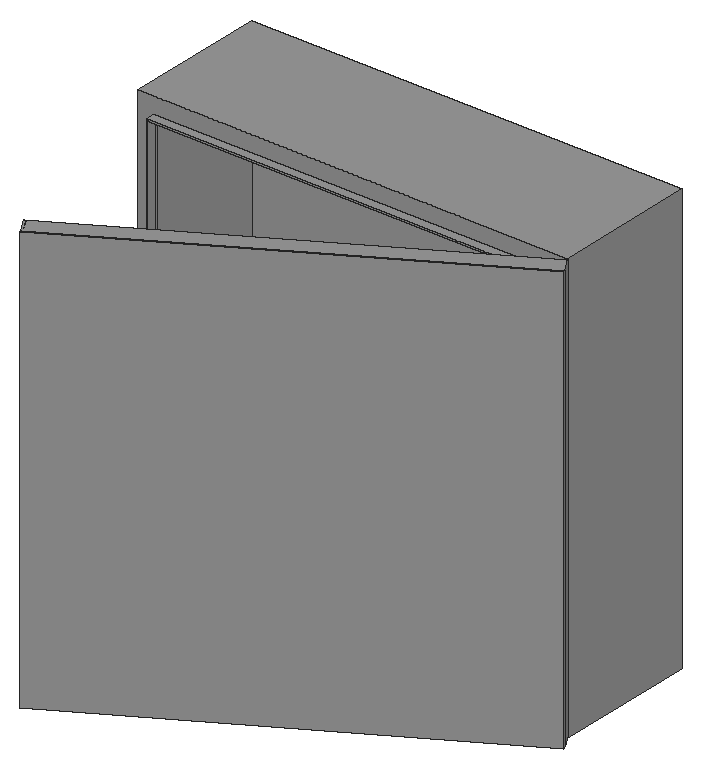
Revit family "Hager-Orion_Inox-IP66-D150-Cl.I-Inox_encl-630A-400mm-NoHosted-CH-it", category Equipement électrique, Revit 2020
Family settings
  Configuration du panneau = Deux colonnes, circuits au sein
  Cote de connecteur circulaire = Utiliser le diamètre
  Type d'élément = Tableau de raccordement
  Basée sur le plan de construction = Oui
  Toujours verticalement = Oui
  Couper avec des vides une fois chargée = Non
  Partagée = Non
  Point de calcul de pièce = Non
Parameters (values of type "A parete IP66 L400 A400 P150  - FL014BWL")
  Width Control [instance] = if([EF000008 - Larghezza] > Min Width, [EF000008 - Larghezza], Min Width)  # 400 mm
  Commentaires du type = [HG000003 - Gamma]  # "Orion Inox"
  Thickness Door [instance] = if([EF009171 - spessore materiale porta/coperchio] > 3 mm, 3 mm, [EF009171 - spessore materiale porta/coperchio])  # 1.5 mm
  Seal Frame Offset [instance] = 17 mm  # constant formula
  Min Width [instance] = 100 mm  # constant formula
  Min Depth [instance] = (2 * [EF009170 - spessore materiale scatola]) + 1 mm  # 4 mm
  Min Height [instance] = 100 mm  # constant formula
  Internal Frame Depth [instance] = -(Door System Depth * 0.5)  # -9 mm
  Panel Name [instance] = ""  # (empty or 0)
  Model = ""
  HG000027 - Altezza dello zoccolo = 0 mm
  HG000026 - A pavimento = no
  HG000024 - Altezza della sezione inferiore = 600 mm
  HG000023 - Custodia a doppia sezione = no
  HG000016 - Visibilità delle porte nella vista 3D [instance] = yes
  HG000015 - Visibilità attraverso la porta [instance] = no
  HG000014 - Porta destra [instance] = yes
  HG000013 - Porta sinistra [instance] = not([HG000014 - Porta destra])  # no
  HG000012 - Angolo di apertura della porta [instance] = 30.00°
  HG000010 - Porte asimmetriche = no
  HG000009 - Porta doppia a battente = no
  HG000006 - Ad incasso = no
  HG000004 - Codice produttore = "FL014BWL"
  HG000003 - Gamma = "Orion Inox"
  HG000002 - Con porta = yes
  Frame Offset Bottom [instance] = 10 mm  # constant formula
  Frame Offset [instance] = 15 mm  # constant formula
  EF015940 - Coprire con rilascio di sovrapressione = no
  EF011959 - tipo di protezione (NEMA) = ""
  EF009554 - numero delle aperture per la piastra della flangia = 0
  EF009212 - esecuzione coperchio = "EV009916 - con taglio"
  EF009171 - spessore materiale porta/coperchio = 1.5 mm
  EF009170 - spessore materiale scatola = 1.5 mm
  EF008873 - corrente nominale (In) = 630 A
  EF007800 - adatto per parafulmine = no
  EF006306 - con serratura = no
  EF006244 - coperchio/porta trasparente = no
  EF005474 - grado di protezione (IP) = "EV006422 - IP66"
  EF004464 - tipo di porta = "EV002646 - singolo"
  EF004427 - numero di moduli = 0
  EF004293 - resistenza agli urti = "EV008784 - IK10"
  EF003532 - adatto per uso esterno = yes
  EF002950 - Numero moduli DIN = 0
  EF001613 - Integrità del circuito = ""
  EF001596 - Attacco Lampada = "EV000166 - acciaio inossidabile"
  EF001131 - profondità interna = 116 mm
  EF001088 - possibilità di applicazione = yes
  EF000437 - numero di ingressi per conduttori = 0
  EF000339 - tipo di copertura = "EV004216 - porta"
  EF000266 - numero di file = 0
  EF000218 - profondità di incasso = 0 mm
  EF000118 - con piastra di montaggio = no
  EF000116 - numero RAL = ""
  EF000049 - profondità = 150 mm
  EF000040 - Altezza = 400 mm
  EF000008 - Larghezza = 400 mm
  EF000007 - colore = "EV000154 - altri"
  EF000003 - Tipo di montaggio = "EV000384 - A parete"
  Door System Leaf Tolerance [instance] = 1.5 mm  # constant formula
  Door System Depth [instance] = 18 mm  # constant formula
  Description = ""
  Default Elevation = 1219.2 mm
  Connector Offset [instance] = Height Control / 2  # 200 mm
  Fabricant = "Hager"  # constant formula
  Height Control [instance] = if([EF000040 - Altezza] > Min Height, [EF000040 - Altezza], Min Height)  # 400 mm
  Depth Control [instance] = if([EF000049 - profondità] > Min Depth, [EF000049 - profondità], Min Depth)  # 150 mm
Types (4, lengths in mm): name | Width Control | HG000004 - Codice produttore | EF009212 - esecuzione coperchio | EF006306 - con serratura | EF006244 - coperchio/porta trasparente | EF004293 - resistenza agli urti | EF001613 - Integrità del circuito | EF000008 - Larghezza
  A parete IP66 L300 A400 P150  - FL014TW | 300 | "FL014TW" | "EV000116 - chiuso" | yes | yes | "EV006814 - IK08" | "EV000494 - senza" | 300
  A parete IP66 L300 A400 P150  - FL014TWL | 300 | "FL014TWL" | "EV000116 - chiuso" | yes | yes | "EV006814 - IK08" | "EV000494 - senza" | 300
  A parete IP66 L400 A400 P150  - FL014BW | 400 | "FL014BW" | "EV009916 - con taglio" | no | no | "EV008784 - IK10" | "" | 400
  A parete IP66 L400 A400 P150  - FL014BWL | 400 | "FL014BWL" | "EV009916 - con taglio" | no | no | "EV008784 - IK10" | "" | 400
Reference planes
  plane 1 "Center (Front/Back)": y = 0
  plane 2: z = 0
  plane 3 "Center (Left/Right)": x = 0
  plane 4: y = 0
  plane 5: y = 0
  plane 6: z = 0
  plane 7: x = -200
  plane 8: x = 200
  plane 9: x = 198.5
  plane 10: x = -198.5
  plane 11: z = 0
  plane 12: z = 1.5
  plane 13: y = -150
  plane 14: y = -1.5
  plane 15: x = 0
  plane 16: y = -132
  plane 17: y = -148.5
  plane 18: y = -130.5
  plane 19: x = -183.5
  plane 20: x = 183.5
  plane 21: z = 11.5
  plane 22: x = -183
  plane 23: x = 183
  plane 24: z = 0
  plane 25: z = 400
  plane 26: z = 400
  plane 27: z = 383.5
  plane 28: z = 398.5
Forms (mm)
  Extrusion 1, solid, material "Hager_Stainless_Steel", detail levels medium+fine
    sketch origin (-208.679, -4572, 0) x (-1, 0, 0) y (0, -1, 0)
      loop
        line (-8.679, -4440) -> (-408.679, -4440) -> (-408.679, -4572) -> (-8.679, -4572) -> (-8.679, -4440)
    from 0 to 400
  Extrusion 2, void
    sketch origin (-350.771, -150, 1219.2) x (1, 0, 0) y (0, 0, 1)
      loop
        line (152.271, -820.7) -> (152.271, -1217.7) -> (549.271, -1217.7) -> (549.271, -820.7) -> (152.271, -820.7)
    from -19.5 to -148.5
  Extrusion 3, void
    sketch origin (-290.084, -132, 1219.2) x (1, 0, 0) y (0, 0, 1)
      loop
        line (106.584, -1207.7) -> (473.584, -1207.7) -> (473.584, -835.7) -> (106.584, -835.7) -> (106.584, -1207.7)
    from 0 to -1.5
  Extrusion 4, solid, material "Hager_Stainless_Steel", detail levels fine
    sketch origin (-290.084, -132, 1219.2) x (-1, 0, 0) y (0, 0, 1)
      loop
        line (-473.584, -1207.7) -> (-106.584, -1207.7) -> (-106.584, -835.7) -> (-473.584, -835.7) -> (-473.584, -1207.7)
      loop
        line (-475.084, -1209.2) -> (-105.084, -1209.2) -> (-105.084, -834.2) -> (-475.084, -834.2) -> (-475.084, -1209.2)
    from 0 to -9 <- "Internal Frame Depth"
  Extrusion 5, solid, material "Hager_Stainless_Steel", detail levels coarse
    sketch origin (0, 0, 0) x (1, 0, 0) y (0, 1, 0)
      loop
        line (-200, 0) -> (-200, -150) -> (200, -150) -> (200, 0) -> (-200, 0)
    from 0 to 400 <- "Height Control"
Cuts and joins
  Extrusion 2, Extrusion 3 cuts Extrusion 1
Lines and regions (mm)
  Masking region 1
    outline origin (0, 0, 0) x (1, 0, 0) y (0, 1, 0)
      loop
        line (-200, 0) -> (-200, -150) -> (200, -150) -> (200, 0) -> (-200, 0)
  Masking region 2
    outline origin (-290.084, -132, 1219.2) x (-1, 0, 0) y (0, 0, 1)
      loop
        line (-490.084, -1219.2) -> (-90.084, -1219.2) -> (-90.084, -819.2) -> (-490.084, -819.2) -> (-490.084, -1219.2)
  Masking region 3, detail levels coarse
    outline origin (0, 0, 0) x (0, 1, 0) y (0, 0, 1)
      loop
        line (0, 0) -> (0, 400) -> (-150, 400) -> (-150, 0) -> (0, 0)
  Masking region 4, detail levels medium+fine
    outline origin (0, 0, 594.038) x (0, 1, 0) y (0, 0, 1)
      loop
        line (0, -594.038) -> (0, -194.038) -> (-132, -194.038) -> (-132, -594.038) -> (0, -594.038)
Dimensions and locks
  locked: plane 1 "Center (Front/Back)" to plane 5
  "EF009170 - spessore materiale scatola": plane 7 to plane 10
  "EF009170 - spessore materiale scatola": plane 8 to plane 9
  equal spacing: plane 7, plane 3 "Center (Left/Right)", plane 8
  "Width Control": plane 7 to plane 8
  "Depth Control": plane 4 to plane 13
  "EF009170 - spessore materiale scatola": plane 4 to plane 14
  "Height Control": plane 25 to level
  "EF009170 - spessore materiale scatola": plane 12 to plane 11
  "EF009170 - spessore materiale scatola": plane 17 to plane 13
  "EF009170 - spessore materiale scatola": plane 18 to plane 16
  "Frame Offset Bottom": plane 21 to plane 12
  "Frame Offset": plane 10 to plane 19
  "Frame Offset": plane 9 to plane 20
  "Door System Depth": plane 16 to plane 13
  "Seal Frame Offset": plane 7 to plane 22
  "Seal Frame Offset": plane 8 to plane 23
  "EF009170 - spessore materiale scatola": plane 26 to plane 28
  "Frame Offset": plane 28 to plane 27
  "Connector Offset": plane 2 to connector elem
  "Thickness Door": cut or joined group of Extrusion 1, Extrusion 2, Extrusion 3 to Extrusion 4 sketch curve
  "Thickness Door": Extrusion 4 sketch curve to plane 19
  "Thickness Door": Extrusion 4 sketch curve to plane 20
  "Thickness Door": Extrusion 4 sketch curve to plane 27
  aligned and locked: plane 12 to Extrusion 2 sketch curve
  aligned and locked: Extrusion 2 sketch curve to plane 9
  aligned and locked: Extrusion 2 sketch curve to plane 10
  aligned and locked: plane 14 to Extrusion 2
  aligned and locked: plane 4 to Extrusion 1 sketch curve
  aligned and locked: plane 8 to Extrusion 1 sketch curve
  aligned and locked: plane 7 to Extrusion 1 sketch curve
  aligned and locked: Extrusion 2 to plane 18
  aligned and locked: plane 19 to Extrusion 3 sketch curve
  aligned and locked: plane 20 to Extrusion 3 sketch curve
  aligned and locked: Extrusion 3 to Extrusion 2
  aligned and locked: Extrusion 3 sketch curve to plane 21
  aligned and locked: plane 3 "Center (Left/Right)" to nested 1
  aligned and locked: Extrusion 1 sketch curve to plane 16
  aligned and locked: Masking region 1 sketch curve to plane 7
  aligned and locked: Masking region 1 sketch curve to plane 5
  aligned and locked: Masking region 1 sketch curve to plane 8
  aligned and locked: Masking region 2 sketch curve to level
  aligned and locked: level to Masking region 3 sketch curve
  aligned and locked: plane 1 "Center (Front/Back)" to Masking region 3 sketch curve
  aligned and locked: plane 13 to Masking region 3 sketch curve
  aligned and locked: Masking region 2 sketch curve to plane 8
  aligned and locked: Masking region 2 sketch curve to plane 7
  aligned and locked: plane 7 to nested 2
  aligned and locked: nested 2 to plane 5
  aligned and locked: plane 5 to Masking region 4 sketch curve
  aligned and locked: plane 26 to Masking region 4 sketch curve
  aligned and locked: Extrusion 5 sketch curve to plane 8
  aligned and locked: Extrusion 5 sketch curve to plane 7
  aligned and locked: Extrusion 5 sketch curve to plane 5
  aligned and locked: plane 27 to Extrusion 3 sketch curve
  aligned and locked: Extrusion 2 sketch curve to plane 28
  aligned and locked: plane 27 to Extrusion 4 sketch curve
  aligned and locked: Extrusion 4 sketch curve to plane 20
  aligned and locked: plane 21 to Extrusion 4 sketch curve
  aligned and locked: Extrusion 4 sketch curve to plane 19
  aligned and locked: Masking region 2 to plane 25
  aligned and locked: Masking region 4 sketch curve to plane 24
  aligned and locked: Masking region 1 to plane 13
  aligned and locked: nested 1 to plane 16
  aligned and locked: Masking region 3 to plane 25
  aligned and locked: Masking region 4 sketch curve to plane 16
  aligned and locked: plane 24 to plane 11
  aligned and locked: plane 26 to plane 25
  aligned and locked: level to plane 24
  aligned and locked: Extrusion 1 to Masking region 3
  aligned and locked: level to nested 1
Automatic sketch dimensions
  Extrusion 5 sketch curve to plane 13 = 0 mm
  plane 27 to Masking region 2 sketch curve = 16.5 mm
  plane 27 to Masking region 3 sketch curve = 16.5 mm
  Masking region 1 sketch curve to plane 13 = 0 mm
  Extrusion 3 sketch curve to plane 21 = 0 mm
  plane 19 to Extrusion 3 sketch curve = 0 mm
  Extrusion 3 sketch curve to plane 20 = 0 mm
Nested families
  nested 1: "EC000058_OrionInox_Door" at (0, -132, 0), Double <- "HG000009 - Porta doppia a battente", Transparent <- "EF006244 - coperchio/porta trasparente", Angle <- "HG000012 - Angolo di apertura della porta", Door_Right <- "HG000014 - Porta destra", Assymetrical <- "HG000010 - Porte asimmetriche", Door <- "HG000002 - Con porta", Width_Ctrl <- "Width Control", 3d_Door <- "HG000016 - Visibilità delle porte nella vista 3D", Clearance <- "HG000015 - Visibilità attraverso la porta", Door_Left <- "HG000013 - Porta sinistra", Width <- "Width Control", Door_Depth <- "Door System Depth", Leaf_Tolerance <- "Door System Leaf Tolerance", Height <- "Height Control", Thickness <- "Thickness Door", type "EC000058_OrionInox_Door", detail levels medium+fine
    with min_wh 4 mm, Width_Ctrl 400 mm, Width 400 mm, Transparent no, Thickness 1.5 mm, Seal_Material Hager_Rubber, Leaf_Width 400 mm, Leaf_Tolerance_External_Sides 0 mm, Leaf_Tolerance 1.5 mm, Leaf_Offset 0 mm, Leaf_Height 397 mm, Leaf_2_Width 400 mm, Leaf_2_Offset 200 mm, Leaf_1_Width 400 mm, Leaf_1_Offset 200 mm, Height_Ctrl 400 mm, Height 400 mm, Glass_Material Hager_Glass, Double_Clearance_Ctrl no, Double no, Door_Right_Ctrl yes, Door_Right yes, Door_Material Hager_Stainless_Steel, Door_Left_Ctrl no, Door_Left no, Door_Depth 18 mm, Door yes, Clearance_Material Hager_Clearance, Clearance_Depth 400 mm, Clearance_Ctrl no, Clearance no, Assymetrical no, Angle 30.00°, 3d_Door yes
  nested 2: "Hager_Enclosure_Symbol" at (-200, 0, 0), Height <- "Depth Control", Width <- "Width Control", type "Hager_Enclosure_Symbol"
    with Width_Ctrl 400 mm, Width 400 mm, Height_Ctrl 150 mm, Height 150 mm, A_Width_Int 9.844 mm, A_Width 118.125 mm, A_Height_Ctrl 131.25 mm, A_Height 131.25 mm
Connectors
  electrical at (0, 0, 200)
    settings: on plane 1 "Center (Front/Back)", index 1, voltage 0 V, apparent load 0 VA, apparent load phase1 0 VA, apparent load phase2 0 VA, apparent load phase3 0 VA, power factor 1, load classification "Other", number of poles 1, system type 30, power factor state 1, is connector primary yes, connector utility no, sub classification motor no, connector description ""
Definition of nested family "EC000058_OrionInox_Door"
  Parameters (values of type "EC000058_OrionInox_Door")
    min_wh [instance] = (2 * Thickness) + 1 mm  # 11 mm
    Width_Ctrl [instance] = 400 mm
    Width [instance] = 500 mm
    Transparent [instance] = yes
    Thickness [instance] = 5 mm
    Seal_Material [instance] = none
    Leaf_Width [instance] = if((Width_Ctrl - 2 * Leaf_Tolerance_External_Sides) > 0 mm, (Width_Ctrl - 2 * Leaf_Tolerance_External_Sides), min_wh)  # 400 mm
    Leaf_Tolerance_External_Sides [instance] = 0 mm  # constant formula
    Leaf_Tolerance [instance] = 1.5 mm
    Leaf_Offset [instance] = 0 mm  # constant formula
    Leaf_Height [instance] = if((Height_Ctrl - 2 * Leaf_Tolerance) > 0 mm, (Height_Ctrl - 2 * Leaf_Tolerance), min_wh)  # 497 mm
    Leaf_2_Width [instance] = if(and(and(Double, Assymetrical), Door_Left), (Leaf_Width / 3) - (Leaf_Tolerance / 2), if(and(and(Double, Assymetrical), Door_Right), (Leaf_Width / 3) * 2 - (Leaf_Tolerance / 2), if(and(Double, not(Assymetrical)), (Leaf_Width / 2) - Leaf_Tolerance, Leaf_Width)))  # 400 mm
    Leaf_2_Offset [instance] = if(and(Double, Assymetrical), Leaf_2_Width / 2, if(and(Double, not(Assymetrical)), Leaf_Width / 4, Leaf_Width / 2))  # 200 mm
    Leaf_1_Width [instance] = if(and(and(Double, Assymetrical), Door_Right), (Leaf_Width / 3) - (Leaf_Tolerance / 2), if(and(and(Double, Assymetrical), Door_Left), (Width / 3) * 2 - (Leaf_Tolerance / 2), if(and(Double, not(Assymetrical)), (Leaf_Width / 2) - Leaf_Tolerance, Leaf_Width)))  # 400 mm
    Leaf_1_Offset [instance] = if(and(Double, Assymetrical), Leaf_1_Width / 2, if(and(Double, not(Assymetrical)), Leaf_Width / 4, Leaf_Width / 2))  # 200 mm
    Height_Ctrl [instance] = if(Height > min_wh, Height, min_wh)  # 500 mm
    Height [instance] = 500 mm
    Glass_Material [instance] = none
    Double_Clearance_Ctrl [instance] = and(Double, Clearance)  # no
    Double [instance] = no
    Door_Right_Ctrl [instance] = and(or(Door_Right, Double), Door)  # yes
    Door_Right [instance] = yes
    Door_Material [instance] = none
    Door_Left_Ctrl [instance] = and(or(Door_Left, Double), Door)  # no
    Door_Left [instance] = no
    Door_Depth [instance] = 30 mm
    Door [instance] = yes
    Default Elevation = 1219.2 mm
    Clearance_Material [instance] = none
    Clearance_Depth [instance] = if(Leaf_1_Width > Leaf_2_Width, Leaf_1_Width, Leaf_2_Width)  # 400 mm
    Clearance_Ctrl [instance] = and(not(Double), Clearance)  # yes
    Clearance [instance] = yes
    Assymetrical [instance] = yes
    Angle [instance] = 30.00°
    3d_Door [instance] = yes
  Reference planes
    plane 1 "Center (Front/Back)": y = 0
    plane 2 "Bottom": z = 0
    plane 3 "Center (Left/Right)": x = 0
    plane 4: z = 500
    plane 5: x = -200
    plane 6: x = 200
    plane 7: z = 500
    plane 8: x = -200
    plane 9: z = 0
    plane 10: x = 200
    plane 11: y = 0
    plane 12: z = 1.5
    plane 13: x = -600
    plane 14: y = -400
    plane 15: x = 600
    plane 16: x = 0
    plane 17: x = 0
    plane 18: x = -200
    plane 19: x = 200
    plane 20: z = 498.5
  Forms (mm)
    Extrusion 1, solid, material <- "Clearance_Material", visible <- "Double_Clearance_Ctrl"
      sketch origin (1200, 0, 0) x (1, 0, 0) y (0, 0, -1)
        loop
          line (-1800, -498.5) -> (-600, -498.5) -> (-600, 0) -> (-1800, 0) -> (-1800, -498.5)
      from 0 to -400
  Dimensions and locks
    equal spacing: plane 5, plane 3 "Center (Left/Right)", plane 6
    "Width_Ctrl": plane 5 to plane 6
    "Leaf_Offset": plane 5 to plane 8
    "Leaf_Offset": plane 6 to plane 10
    "Leaf_Offset": plane 9 to level
    "Leaf_Offset": plane 4 to plane 7
    "Height_Ctrl": plane 4 to level
    "Leaf_Tolerance": plane 12 to plane 9
    locked: plane 11 to plane 1 "Center (Front/Back)"
    "Leaf_1_Offset": plane 18 to plane 16
    "Leaf_2_Offset": plane 17 to plane 19
    "Leaf_1_Width": plane 13 to plane 8
    "Leaf_2_Width": plane 10 to plane 15
    "Clearance_Depth": plane 14 to plane 1 "Center (Front/Back)"
    "Leaf_Tolerance_External_Sides": plane 8 to plane 18
    "Leaf_Tolerance_External_Sides": plane 19 to plane 10
    "Leaf_Tolerance": plane 7 to plane 20
    aligned and locked: level to plane 2 "Bottom"
    aligned and locked: nested 1 to plane 16
    aligned and locked: nested 2 to plane 17
    aligned and locked: Extrusion 1 to plane 13
    aligned and locked: plane 15 to Extrusion 1
    aligned and locked: Extrusion 1 to plane 14
    aligned and locked: plane 12 to nested 1
    aligned and locked: nested 2 to plane 12
    aligned and locked: Extrusion 1 to plane 11
    aligned and locked: plane 20 to Extrusion 1
    aligned and locked: nested 2 to plane 11
    aligned and locked: nested 1 to plane 11
  Automatic sketch dimensions
    Extrusion 1 sketch curve to level = 0 mm
    plane 5 to Extrusion 1 sketch curve = 400 mm
    plane 6 to Extrusion 1 sketch curve = 400 mm
    Extrusion 1 sketch curve to plane 4 = 1.5 mm
  Nested families
    nested 1: "EC000058_OrionInox_Door_Leaf" at (0, 0, 1.5), Width <- "Leaf_1_Width", visible <- "Door_Left_Ctrl", Leaf_Height <- "Leaf_Height", Angle <- "Angle", 3d_Door <- "3d_Door", Transparent <- "Transparent", Clearance Material <- "Clearance_Material", Clearance <- "Clearance_Ctrl", Door_Material <- "Door_Material", Glass_Material <- "Glass_Material", Door_Depth <- "Door_Depth", Seal_Material <- "Seal_Material", Thickness <- "Thickness", type "EC000058_OrionInox_Door_Leaf"
      with Width 400 mm, Transparent_Ctrl yes, Transparent yes, Thickness 5 mm, Standard no, Seal_Material none, Seal_D2 8 mm, Seal_D1 1 mm, Offset_Internal_Frame 10 mm, Lock_Width 28 mm, Lock_Thickness 2 mm, Lock_Radius 6 mm, Leaf_Height 497 mm, Internal_Seal_Thickness 8 mm, Internal_Seal_Depth_2 4.5 mm, Internal_Frame_Depth 25 mm, Glass_Thickness -1 mm, Glass_Offset -2 mm, Glass_Material none, Door_Material none, Door_Depth 30 mm, Clearance Material none, Clearance yes, Angle_Ctrl 30.00°, Angle 30.00°, 3d_Door yes
    nested 2: "EC000058_OrionInox_Door_Leaf" at (0, 0, 1.5) x (-1, 0, 0) z (0, 0, 1), Width <- "Leaf_2_Width", visible <- "Door_Right_Ctrl", Leaf_Height <- "Leaf_Height", Angle <- "Angle", 3d_Door <- "3d_Door", Transparent <- "Transparent", Clearance Material <- "Clearance_Material", Clearance <- "Clearance_Ctrl", Door_Material <- "Door_Material", Glass_Material <- "Glass_Material", Door_Depth <- "Door_Depth", Seal_Material <- "Seal_Material", Thickness <- "Thickness", type "EC000058_OrionInox_Door_Leaf"
      with Width 400 mm, Transparent_Ctrl yes, Transparent yes, Thickness 5 mm, Standard no, Seal_Material none, Seal_D2 8 mm, Seal_D1 1 mm, Offset_Internal_Frame 10 mm, Lock_Width 28 mm, Lock_Thickness 2 mm, Lock_Radius 6 mm, Leaf_Height 497 mm, Internal_Seal_Thickness 8 mm, Internal_Seal_Depth_2 4.5 mm, Internal_Frame_Depth 25 mm, Glass_Thickness -1 mm, Glass_Offset -2 mm, Glass_Material none, Door_Material none, Door_Depth 30 mm, Clearance Material none, Clearance yes, Angle_Ctrl 30.00°, Angle 30.00°, 3d_Door yes
  Definition of nested family "EC000058_OrionInox_Door_Leaf"
    Parameters (values of type "EC000058_OrionInox_Door_Leaf")
      Width [instance] = 450 mm
      Transparent_Ctrl [instance] = and(Transparent, [3d_Door])  # yes
      Transparent [instance] = yes
      Thickness [instance] = 5 mm
      Standard [instance] = and(not(Transparent), [3d_Door])  # no
      Seal_Material [instance] = none
      Seal_D2 [instance] = 8 mm  # constant formula
      Seal_D1 [instance] = 1 mm  # constant formula
      Offset_Internal_Frame [instance] = 10 mm  # constant formula
      Lock_Width [instance] = Door_Depth - Lock_Thickness  # 28 mm
      Lock_Thickness [instance] = 2 mm  # constant formula
      Lock_Radius [instance] = 6 mm  # constant formula
      Leaf_Height [instance] = 450 mm
      Internal_Seal_Thickness [instance] = 8 mm  # constant formula
      Internal_Seal_Depth_2 [instance] = 4.5 mm  # constant formula
      Internal_Frame_Depth [instance] = if(Door_Depth - Thickness > 5 mm, Door_Depth - Thickness, 5 mm)  # 25 mm
      Glass_Thickness [instance] = if(Thickness > 15 mm, Glass_Offset + 10 mm, -1 mm)  # -1 mm
      Glass_Offset [instance] = if(Thickness > 15 mm, -(Thickness + 10 mm) / 2, -2 mm)  # -2 mm
      Glass_Material [instance] = none
      Door_Material [instance] = none
      Door_Depth [instance] = 30 mm
      Default Elevation = 0 mm
      Clearance Material [instance] = none
      Clearance [instance] = yes
      Angle_Ctrl [instance] = if(Angle > 180.00°, 180.00°, Angle)  # 90.00°
      Angle [instance] = 90.00°
      3d_Door [instance] = yes
    Reference planes
      plane 1 "Center (Front/Back)": y = 0
      plane 2: z = 0
      plane 3 "Center (Left/Right)": x = 0
      plane 4: y = 450
      plane 5: x = -225
      plane 6: x = 225
      plane 7: x = -675
      plane 8: z = 450
      plane 9: z = 30
      plane 10: z = 420
      plane 11: x = 195
      plane 12: x = -195
      plane 13: y = -3
      plane 14: z = 107.833
      plane 15: y = -5
      plane 16: y = -223.314
      plane 17: x = -225
      plane 18: y = 30
    Forms (mm)
      Extrusion 1, solid, material <- "Clearance Material", visible <- "Clearance"
        sketch origin (0, 0, 0) x (1, 0, 0) y (0, 0, 1)
          loop
            line (-675, 450) -> (-675, 0) -> (225, 0) -> (225, 450) -> (-675, 450)
        from 0 to -450
      Extrusion 2, solid, material <- "Door_Material", visible <- "Standard", detail levels medium+fine
        sketch origin (-225, 0, 0) x (0, 1, 0) y (-1, 0, 0)
          loop
            line (0, 30) -> (0, 25) -> (450, 25) -> (450, 30) -> (0, 30)
        from 0 to 450 <- "Leaf_Height"
      Extrusion 3, solid, material <- "Door_Material", visible <- "Transparent_Ctrl", detail levels medium+fine
        sketch origin (-225, 0, 0) x (0, 1, 0) y (-1, 0, 0)
          loop
            line (0, 25) -> (450, 25) -> (450, 30) -> (0, 30) -> (0, 25)
        from 0 to 450 <- "Leaf_Height"
      Extrusion 4, void
        sketch origin (-250, 450, 0) x (0, 1, 0) y (0, 0, -1)
          loop
            line (-30, -420) -> (-30, -30) -> (-420, -30) -> (-420, -420) -> (-30, -420)
        from 0 to 5 <- "Thickness"
      Sweep 5, solid, material <- "Seal_Material", visible <- "Transparent_Ctrl", detail levels fine
        path in 3D
          loop
            line (-250, 30, 30) -> (-250, 30, 420) -> (-250, 420, 420) -> (-250, 420, 30) -> (-250, 30, 30)
        profile origin (-250, 225, 30) x (1, 0, 0) y (0, 0, 1)
          loop
            line (0, 0) -> (0, -8) -> (1, -8) -> (1, 0) -> (0, 0)
      Extrusion 6, solid, material <- "Glass_Material", visible <- "Transparent_Ctrl", detail levels medium+fine
        sketch origin (-255, 0, 0) x (0, 1, 0) y (0, 0, -1)
          loop
            line (420, -420) -> (420, -30) -> (30, -30) -> (30, -420) -> (420, -420)
        from -2 <- "Glass_Offset" to -1 <- "Glass_Thickness"
      Extrusion 7, solid, material <- "Door_Material", visible <- "3d_Door", detail levels medium+fine
        sketch origin (-250, 450, 0) x (0, -1, 0) y (0, 0, -1)
          loop
            line (0, -450) -> (450, -450) -> (450, 0) -> (0, 0) -> (0, -450)
          loop
            line (445, -5) -> (5, -5) -> (5, -445) -> (445, -445) -> (445, -5)
        from 0 to 25 <- "Internal_Frame_Depth"
      Sweep 8, solid, material <- "Seal_Material", visible <- "Transparent_Ctrl", detail levels fine
        path in 3D
          loop
            line (-250, 0, 0) -> (-250, 450, 0) -> (-250, 450, 450) -> (-250, 0, 450) -> (-250, 0, 0)
        profile origin (-250, 0, 225) x (1, 0, 0) y (0, 1, 0)
          loop
            line (0, 10) -> (2.975, 10)
            arc (2.975, 10) -> (4.053, 10.447) -> (4.5, 11.525) r 1.525
            line (4.5, 11.525) -> (4.5, 16.527)
            arc (4.5, 16.527) -> (4.069, 17.569) -> (3.027, 18) r 1.473
            line (3.027, 18) -> (0, 18) -> (0, 10)
    Cuts and joins
      Extrusion 4 cuts Extrusion 3
    Lines and regions (mm)
      Masking region 1, detail levels medium+fine
        outline origin (0, 0, 0) x (0, 1, 0) y (0, 0, 1)
          loop
            line (0, 0) -> (30, 0) -> (30, 450) -> (0, 450) -> (0, 0)
      Masking region 2, detail levels medium+fine
        outline origin (0, 0, 0) x (1, 0, 0) y (0, 0, 1)
          loop
            line (-225, 450) -> (-225, 0) -> (225, 0) -> (225, 450) -> (-225, 450)
      symbolic lines
        curve 1: line (225, 0, 0) -> (-675, 0, 0)
        curve 2: arc (225, 0, 0) -> (-225, 450, 0) -> (-675, 0, 0) r 450
        curve 4: line (-255, 0, 0) -> (-255, 450, 0)
      reference lines
        curve 3: line (-225, 0, 0) -> (-225, 450, 0)
      symbolic lines, detail levels medium+fine
        curve 5: line (-255, 450, 0) -> (-250, 450, 0)
        curve 7: line (-250, 0, 0) -> (-255, 0, 0)
        curve 8: line (-250, 0, 0) -> (-225, 0, 0)
        curve 9: line (-225, 0, 0) -> (-225, 450, 0)
        curve 10: line (-225, 450, 0) -> (-250, 450, 0)
      symbolic lines, detail levels fine
        curve 6: line (-250, 450, 0) -> (-250, 0, 0)
      sketch lines
        curve 11: line (-250, 0, 450) -> (-250, 0, 0)
        curve 12: line (-250, 450, 0) -> (-250, 0, 0)
        curve 13: line (-250, 450, 450) -> (-250, 450, 0)
        curve 14: line (-250, 0, 450) -> (-250, 450, 450)
        curve 15: line (-250, 420, 30) -> (-250, 30, 30)
        curve 16: line (-250, 30, 30) -> (-250, 30, 420)
        curve 17: line (-250, 420, 420) -> (-250, 420, 30)
        curve 18: line (-250, 30, 420) -> (-250, 420, 420)
      symbolic lines, visible <- "Transparent", detail levels medium+fine
        curve 19: line (-195, 0, 420) -> (195, 0, 420)
        curve 20: line (-195, 0, 30) -> (-195, 0, 420)
        curve 21: line (195, 0, 30) -> (-195, 0, 30)
        curve 22: line (195, 0, 420) -> (195, 0, 30)
    Dimensions and locks
      "Width": plane 1 "Center (Front/Back)" to plane 4
      equal spacing: plane 5, plane 3 "Center (Left/Right)", plane 6
      "Width": plane 5 to plane 6
      "Width": plane 7 to plane 5
      "Leaf_Height": plane 8 to level
      "Width": curve 5 to curve 3
      "Width": curve 3 to curve 3
      plane 8 to plane 10 = 30 mm
      plane 9 to level = 30 mm
      plane 12 to plane 5 = 30 mm
      plane 6 to plane 11 = 30 mm
      Extrusion 4 sketch curve to Extrusion 3 = 30 mm
      Extrusion 3 to Extrusion 4 sketch curve = 30 mm
      Extrusion 1 to Extrusion 4 sketch curve = 30 mm
      curve 3 to Extrusion 4 sketch curve = 30 mm
      Extrusion 4 sketch curve to cut or joined group of Extrusion 3, Extrusion 4 = 30 mm
      cut or joined group of Extrusion 3, Extrusion 4 to Extrusion 6 sketch curve = 30 mm
      cut or joined group of Extrusion 3, Extrusion 4 to Extrusion 4 sketch curve = 30 mm
      "Thickness": curve 6 to curve 4
      "Thickness": Extrusion 7 sketch curve to Extrusion 7 sketch curve  (x4)
      "Door_Depth": curve 4 to curve 3
      "Offset_Internal_Frame": profile plane to Sweep 8 sketch curve
      "Internal_Seal_Thickness": Sweep 8 sketch curve to Sweep 8 sketch curve
      "Internal_Seal_Depth_2": profile plane to Sweep 8 sketch curve
      "Seal_D1": profile plane to Sweep 5 sketch curve
      "Seal_D2": profile plane to Sweep 5 sketch curve
      "Thickness": Extrusion 2 sketch curve to Extrusion 2 sketch curve
      "Door_Depth": plane 18 to plane 1 "Center (Front/Back)"
      radius of Sweep 8 sketch curve = 1.525 mm
      radius of Sweep 8 sketch curve = 1.473 mm
      "Angle_Ctrl": angle plane 1 "Center (Front/Back)" to curve 3
      aligned and locked: level to plane 2
      aligned and locked: Extrusion 1 to curve 1
      aligned and locked: plane 6 to Extrusion 1
      aligned and locked: plane 1 "Center (Front/Back)" to Extrusion 1
      aligned and locked: plane 4 to Extrusion 1
      aligned and locked: plane 8 to Extrusion 1
      aligned and locked: curve 7 to Extrusion 2 sketch curve
      aligned and locked: curve 5 to Extrusion 2 sketch curve
      aligned and locked: curve 7 to Extrusion 3 sketch curve
      aligned and locked: Extrusion 3 sketch curve to curve 4
      aligned and locked: Extrusion 3 sketch curve to curve 6
      aligned and locked: Extrusion 3 sketch curve to curve 5
      aligned and locked: curve 9 to curve 3
      aligned and locked: Extrusion 7 sketch curve to cut or joined group of Extrusion 3, Extrusion 4  (x4)
      aligned and locked: plane 17 to curve 3
      aligned and locked: plane 1 "Center (Front/Back)" to curve 3
      aligned and locked: plane 17 to plane 5
      aligned and locked: Sweep 8 sketch curve to profile plane
      aligned and locked: Sweep 5 sketch curve to profile plane  (x2)
      aligned and locked: plane 1 "Center (Front/Back)" to Masking region 1 sketch curve
      aligned and locked: plane 18 to Masking region 1 sketch curve
      aligned and locked: level to Masking region 1 sketch curve
      aligned and locked: Masking region 1 sketch curve to plane 8
      aligned and locked: plane 17 to Masking region 2 sketch curve
      aligned and locked: level to Masking region 2 sketch curve
      aligned and locked: Masking region 2 sketch curve to plane 8
      aligned and locked: plane 12 to curve 20
      aligned and locked: plane 10 to curve 19
      aligned and locked: plane 11 to curve 22
      aligned and locked: plane 9 to curve 21
      aligned and locked: Extrusion 2 sketch curve to cut or joined group of Extrusion 3, Extrusion 4
    Automatic sketch dimensions
      plane 1 "Center (Front/Back)" to curve 2 = 0 mm
      curve 2 to plane 5 = 0 mm
      Extrusion 1 sketch curve to level = 0 mm
      Extrusion 1 sketch curve to plane 7 = 0 mm
      Extrusion 1 sketch curve to plane 6 = 0 mm
      Extrusion 1 sketch curve to plane 8 = 0 mm
      Extrusion 3 to Extrusion 6 sketch curve = 30 mm  (x4)
      Masking region 2 sketch curve to plane 6 = 0 mm
      curve 4 to curve 3 = 0 mm
Definition of nested family "Hager_Enclosure_Symbol"
  Parameters (values of type "Hager_Enclosure_Symbol")
    Width_Ctrl [instance] = if(Width > 1 mm, Width, 1 mm)  # 102.27 mm
    Width [instance] = 102.27 mm
    Height_Ctrl [instance] = if(Height > 1 mm, Height, 1 mm)  # 66.5 mm
    A_Width_Int [instance] = if(A_Width / 12 > 2 mm, A_Width / 12, 2 mm)  # 4.364 mm
    A_Width [instance] = if(A_Height_Ctrl * 0.9 > 2 mm, A_Height_Ctrl * 0.9, 2 mm)  # 52.369 mm
    A_Height_Ctrl [instance] = if(A_Height > 2 mm, A_Height, 2 mm)  # 58.188 mm
    Height [instance] = 66.5 mm
    A_Height [instance] = Height - (Height / 8)  # 58.188 mm
  Reference planes
    plane 1 "Centre (avant/arrière)": y = 0
    plane 2: z = 0
    plane 3 "Centre (gauche/droite)": x = 0
    plane 4: x = 52.369
    plane 5: y = 33.042
    plane 6: y = 41.77
    plane 7: y = 66.5
    plane 8: x = 26.184
    plane 9: y = 37.406
    plane 10: x = 102.27
    plane 11: y = 66.5
    plane 12: y = 8.313
  Lines and regions (mm)
    Filled region 1, type "Solid_Black", in view "Niveau de réf."
      outline origin (0, 0, 0) x (1, 0, 0) y (0, 1, 0)
        loop
          line (52.369, 66.5) -> (33.188, 54.536) -> (45.365, 45.006) -> (52.369, 66.5)
    Filled region 2, type "Solid_Black", in view "Niveau de réf."
      outline origin (0, 0, 0) x (1, 0, 0) y (0, 1, 0)
        loop
          line (0, 0) -> (102.27, 0) -> (102.27, 66.5) -> (0, 0)
    detail lines, in view "Niveau de réf."
      curve 1: line (0, 8.313, 0) -> (26.184, 41.77, 0)
      curve 2: line (26.184, 41.77, 0) -> (26.184, 33.042, 0)
      curve 3: line (26.184, 33.042, 0) -> (52.369, 66.5, 0)
  Dimensions and locks
    "A_Width": plane 3 "Centre (gauche/droite)" to plane 4
    equal spacing: plane 3 "Centre (gauche/droite)", plane 8, plane 4
    equal spacing: plane 6, plane 9, plane 5
    equal spacing: curve 3, Filled region 1 sketch curve, Filled region 1 sketch curve
    "Height_Ctrl": plane 1 "Centre (avant/arrière)" to plane 11
    "A_Height_Ctrl": plane 11 to plane 12
    equal spacing: plane 11, plane 9, plane 12
    "A_Width_Int": plane 6 to plane 9
    "Width_Ctrl": plane 3 "Centre (gauche/droite)" to plane 10
    angle Filled region 1 sketch curve to curve 3 = 20.00°
    angle curve 3 to Filled region 1 sketch curve = 20.00°
    locked: curve 3 to Filled region 1 sketch curve (angle 90.00°)
    aligned and locked: plane 10 to Filled region 2
    aligned and locked: plane 11 to Filled region 2 sketch curve
    aligned and locked: plane 10 to Filled region 2 sketch curve
    aligned and locked: plane 3 "Centre (gauche/droite)" to curve 1
    aligned and locked: plane 12 to curve 1
    aligned and locked: plane 7 to plane 11
  Automatic sketch dimensions
    Filled region 1 sketch curve to plane 4 = 0 mm
    Filled region 1 sketch curve to plane 7 = 0 mm
    plane 1 "Centre (avant/arrière)" to Filled region 2 sketch curve = 0 mm
    Filled region 2 sketch curve to plane 3 "Centre (gauche/droite)" = 0 mm
    curve 2 to plane 6 = 0 mm
    curve 2 to plane 8 = 0 mm
    curve 3 to plane 4 = 0 mm
    curve 2 to plane 5 = 0 mm
    curve 3 to plane 7 = 0 mm
